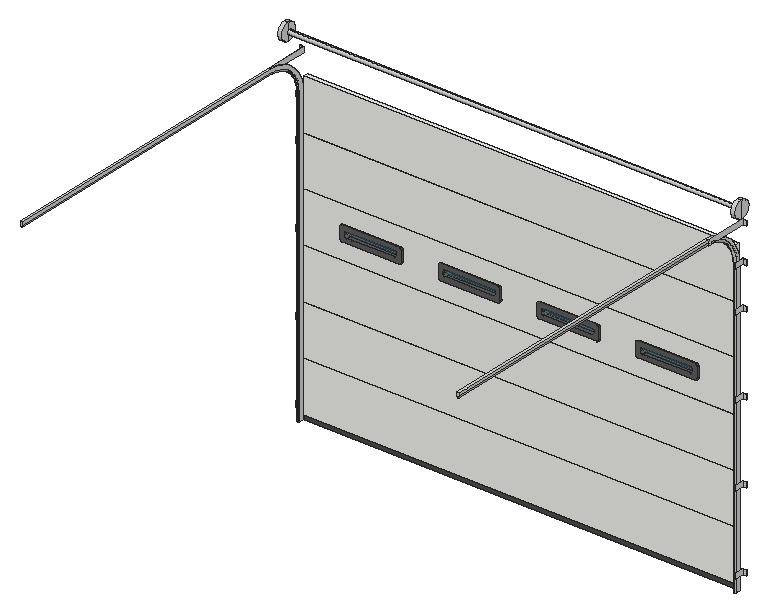
Revit family "Overhead-Sect_HAAS_Res_Alum_5000", category Doors, host Wall, Revit 2024
Family settings
  Host = Wall
  OmniClass Number = 23.30.10.17.37.14
  OmniClass Title = Sectional Overhead Doors
  Always vertical = Yes
  Cut with Voids When Loaded = No
  Shared = No
  Room Calculation Point = No
Parameters (values of type "Model 5780 Raised 1.75in")
  rearspring = no
  Warranty Duration (Years) = 0
  Viewport Frame Finish [instance] = Finish - Trim - HAAS - Black
  Unit Width [instance] = if(Wood Jamb, Opening Width, Opening Width + 0' 2")  # 14' - 0"
  Wood Jamb [instance] = yes
  URL = "http://www.haasdoor.com/about/index.html"
  U Value = 0
  Type Comments = ""
  Track_High Lift_CHECK WITH HAAS FOR VALUE [instance] = 0' - 7"
  Track [instance] = Steel
  Thickness = 0' - 0"  # constant formula
  Test Data = ""
  Steel Jamb [instance] = not(Wood Jamb)  # no
  Standards Conformance = "as Specified"
  Specification = ""
  SpecWizard = ""
  Send Message = ""
  Sales Information = "http://www.haasdoor.com/locator/index.php"
  Rough Width = 0' - 0"  # constant formula
  Rough Height = 0' - 0"  # constant formula
  Roof Incline Default = 0.00°
  Revision = "R1_2015-11"
  Recycled Content [instance] = "as Specified"
  R-Value = 16.18
  Product Properties = ""
  Product Data = "http://www.arcat.com/arcatcos/cos32/arc32915.html"
  Panel Width [instance] = 14' - 0"
  Panel Thickness = 0' - 1 3/4"
  Panel Material_Interior [instance] = Metal - Steel - HAAS - Polar White V-Groove
  Panel Material_Inset Panel [instance] = Metal - Steel - HAAS - Polar White
  Panel Material_Exterior [instance] = Metal - Steel - HAAS - Polar White
  Panel Height [instance] = if(1 = 1, Opening Height, 0' 0")  # 10' - 0"
  Overhead Sectional Style [instance] = Door_Overhead-Sectional-Panel_Haas_No-Inset-Panels : Design B
  Operation = "Overhead Sectional"
  Opening Width [instance] = 14' - 0"
  Opening Height [instance] = 10' - 0"
  Track Type [instance] = Tracks_Standard-Lift : Tracks_Standard-Lift
  Model = "5780"
  Max Width = 16' - 0"
  Max Height = 12' - 0"
  Manufacturer Website = "http://www.haasdoor.com/about/index.html"
  Manufacturer Phone - Toll Free = ""
  Manufacturer Phone = "419-337-9900"
  Manufacturer Fax = "800-874-4227"
  Manufacturer Address = "320 Sycamore Rd. Wauseon, OH 43567"
  Manufacturer = "Haas Door Co."
  Maintenance Schedule (Months) = 0
  Keynote = "08360"
  Interior Skin = "Aluminum Woodgrain"
  Installation-Fabrication = ""
  Installation Phase = ""
  Green Building-LEED = ""
  Viewport Glazing [instance] = Glass
  Function = Exterior
  Height = 0' - 0"  # constant formula
  Wall Closure = By host
  Width = 0' - 0"  # constant formula
  Fire Rating = ""
  Exterior Skin = "Raised Panel Woodgrain Aluminum"
  Expected Lifespan (Years) = 0
  End Stile Type = "Extruded End Cap"
  Drawn By = "Sumex Design, Inc."
  Description = "Haas 5700 Series Residential Insulated Overhead Sectional Door - 5780 as Specified"
  Cost = 0
  Copyright = "©Arcat Inc."  # constant formula
  Construction Type = ""
  Construction Details = ""
  Building Codes = ""
  Bottom Seal Color [instance] = Finish - Weather Seal - HAAS - Black
  Assembly Code = "B2030410"
  AAMA Designation = "as Specified"
  3in Track [instance] = not([2in Track])  # no
  2in Track [instance] = yes
Types (8): name | R-Value | Panel Thickness | Model | Exterior Skin | Description
  Model 5780 Raised 1.75in | 16.18 | 0' - 1 3/4" | "5780" | "Raised Panel Woodgrain Aluminum" | "Haas 5700 Series Residential Insulated Overhead Sectional Door - 5780 as Specified"
  Model 5770 Raised Ranch 1.75in | 16.18 | 0' - 1 3/4" | "5770" | "Raised Ranch Panel Woodgrain Aluminum" | "Haas 5700 Series Residential Insulated Overhead Sectional Door - 5770 as Specified"
  Model 5712 V Groove 1.75in | 16.18 | 0' - 1 3/4" | "5712" | "V Groove Woodgrain Aluminum" | "Haas 5700 Series Residential Insulated Overhead Sectional Door - 5712 as Specified"
  Model 5710 Flush 1.75in | 16.18 | 0' - 1 3/4" | "5710" | "Flush Woodgrain Aluminum" | "Haas 5700 Series Residential Insulated Overhead Sectional Door - 5710 as Specified"
  Model 5280 Raised 2in | 17.66 | 0' - 2" | "5280" | "Raised Panel Woodgrain Aluminum" | "Haas 5200 Series Residential Insulated Overhead Sectional Door - 5280 as Specified"
  Model 5270 Raised Ranch 2in | 17.66 | 0' - 2" | "5270" | "Raised Ranch Panel Woodgrain Aluminum" | "Haas 5200 Series Residential Insulated Overhead Sectional Door - 5270 as Specified"
  Model 5212 V Groove 2in | 17.66 | 0' - 2" | "5212" | "V Groove Woodgrain Aluminum" | "Haas 5200 Series Residential Insulated Overhead Sectional Door - 5212 as Specified"
  Model 5210 Flush 2in | 17.66 | 0' - 2" | "5210" | "Flush Woodgrain Aluminum" | "Haas 5200 Series Residential Insulated Overhead Sectional Door - 5210 as Specified"
Reference planes (in)
  plane 1 "Center (Front/Back)": y = 0
  plane 2 "Center (Left/Right)": x = 0
  plane 3 "Left": x = -84
  plane 4 "Right": x = 84
  plane 5 "Top": z = 120
  plane 6 "Exterior": y = 3
  plane 7 "Interior": y = -3
  plane 8: z = 2
  plane 9 "Back of Panel": y = -4.75
  plane 10: y = -3.875
  plane 11 "Track": y = -4.625
Lines and regions (in)
  Opening 1
    outline origin (-90, -3, 0) x (1, 0, 0) y (0, 0, 1)
      loop
        line (6, 0) -> (174, 0) -> (174, 120) -> (6, 120) -> (6, 0)
Text (in)
  text "Exterior" at (-74.96733, 27.31104, 0), in view "Ref. Level"
  text "Interior" at (-74.96733, -25.14366, 0), in view "Ref. Level"
  text "Exterior" at (0, 40.15149, 123.01588), in view "Right"
  text "Interior" at (0, -64.39139, 123.01588), in view "Right"
  text "Interior" at (0, -31.01599, 123.00693), in view "Left"
  text "Exterior" at (0, 54.57065, 123.00693), in view "Left"
Dimensions and locks (in)
  equal spacing: plane 3 "Left", plane 2 "Center (Left/Right)", plane 4 "Right"
  "Opening Height": level to plane 5 "Top"
  "Opening Width": plane 3 "Left" to plane 4 "Right"
  plane 8 to level = 0' - 2"
  plane 3 "Left" to plane 4 "Right" = 14' - 0"
  "Panel Thickness": plane 9 "Back of Panel" to plane 7 "Interior"
  equal spacing: plane 9 "Back of Panel", plane 10, plane 7 "Interior"
  locked: plane 11 "Track" to plane 7 "Interior" at 1.625
  aligned and locked: plane 3 "Left" to Opening 1 sketch curve
  aligned and locked: plane 5 "Top" to Opening 1 sketch curve
  aligned and locked: Opening 1 sketch curve to plane 5 "Top"
  aligned and locked: Opening 1 sketch curve to plane 4 "Right"
  aligned and locked: Opening 1 sketch curve to level
  aligned and locked: plane 6 "Exterior" to host wall
  aligned and locked: plane 7 "Interior" to host wall
  aligned and locked: nested 1 to plane 2 "Center (Left/Right)"
  aligned and locked: level to nested 1
  aligned and locked: nested 1 to plane 11 "Track"
  aligned and locked: nested 2 to plane 2 "Center (Left/Right)"
  aligned and locked: plane 10 to nested 2
Nested families (in)
  nested 1: "Tracks_Standard-Lift" at (0, -5.625, 0), Unit Width <- "Unit Width", Opening Height <- "Opening Height", Track <- "Track", Wood Jamb <- "Wood Jamb", 2in Track <- "2in Track", type <- "Track Type", High Lift Height <- "Track_High Lift_CHECK WITH HAAS FOR VALUE", Door Height <- "Panel Height", Rear Mount Spring <- "rearspring", Roof Incline <- "Roof Incline Default", type "Tracks_Standard-Lift"
    with trackradinsetv 0' - 0", trackradinseth 0' - 0", sideroomint 0' - 1 5/8", roofpitchheight 0' - 0", offsettrackradv 1' - 2.73821", offsettrackradh 1' - 2.99772", offset 0' - 0", highliftcalc 0' - 8", breakoutrun 1, breakoutrise 12, breakawaylength 0' - 0", breakaway angle 1.00°, Wood Jamb yes, Unit Width 14' - 0", Unit Depth 0' - 2", Track Radius 1' - 3", Track Offset from Door Edge 0' - 0 1/2", Track Steel, Steel Jamb no, Standard Spring Location yes, Sideroom_Spring 0' - 3", Sideroom_Jambs 0' - 3", Roof Incline 0.00°, Rear Mount Spring no, Opening Width 14' - 0", Opening Height 10' - 0", High Lift Height 0' - 7", Headroom Clearance 1' - 7", Door Height 10' - 0", Breakaway Start 0' - 8", Back Depth 11' - 6", 3in Track no, 2in Track yes, 1 in 12 Breakout yes, 1 5 in 12 Breakout no
  nested 2: "Door_Overhead-Sectional-Panel_Haas_No-Inset-Panels" at (0, -3.875, 0) x (-1, 0, 0) z (0, 0, 1), Viewport Finish <- "Viewport Frame Finish", Panel Material_Interior <- "Panel Material_Interior", Panel Material_Inset Panel <- "Panel Material_Inset Panel", Panel Material_Exterior <- "Panel Material_Exterior", Viewport Glazing <- "Viewport Glazing", Bottom Seal Color <- "Bottom Seal Color", Panel Width <- "Panel Width", Panel Thickness <- "Panel Thickness", Panel Height <- "Panel Height", type <- "Overhead Sectional Style", type "Design B"
    with Viewport Glazing Glass, Viewport Finish Finish - Trim - HAAS - Black, Unit Width 14' - 0", Unit Height 1' - 7.66667", Panel Width 14' - 0", Panel Thickness 0' - 1 3/4", Panel Material_Interior Metal - Steel - HAAS - Polar White V-Groove, Panel Material_Inset Panel Metal - Steel - HAAS - Polar White, Panel Material_Exterior Metal - Steel - HAAS - Polar White, Panel Height 10' - 0", Panel 9 Vis no, Panel 9 Control 0' - 0", Panel 8 Vis no, Panel 8 Control 0' - 0", Panel 7 Vis no, Panel 7 Control 0' - 0", Panel 6 Vis yes, Panel 6 Control 1' - 7.66667", Panel 5 Vis yes, Panel 5 Control 1' - 7.66667", Panel 4 Vis yes, Panel 4 Control 1' - 7.66667", Panel 3 Vis yes, Panel 3 Control 1' - 7.66667", Panel 2 Vis yes, Panel 2 Control 1' - 7.66667", Panel 10 Vis no, Panel 10 Control 0' - 0", Panel 1 Vis yes, Bottom Seal Color Finish - Weather Seal - HAAS - Black
Definition of nested family "Tracks_Standard-Lift"
  Parameters
    trackradinsetv [instance] = Track Radius - (Track Radius * cos(Roof Incline))  # 0' - 0"
    trackradinseth [instance] = Track Radius * sin(Roof Incline)  # 0' - 0"
    sideroomint [instance] = if(Steel Jamb, 0' 3", 0' 1 5/8")  # 0' - 1 5/8"
    roofpitchheight [instance] = (Back Depth) * tan(Roof Incline)  # 0' - 0"
    offsettrackradv [instance] = Track Radius - (Track Radius * sin(breakaway angle))  # 1' - 2.73821"
    offsettrackradh [instance] = Track Radius * cos(breakaway angle)  # 1' - 2.99772"
    offset [instance] = 0' - 0"  # constant formula
    breakoutrun [instance] = if([1 in 12 Breakout], 1, 1.5)  # 1
    breakoutrise [instance] = 12  # constant formula
    breakawaylength [instance] = (Breakaway Start + High Lift Height - Track Radius) / tan(90.00° - breakaway angle)  # 0' - 0.26183"
    breakaway angle [instance] = 1.00°  # constant formula
    Wood Jamb [instance] = yes
    Unit Width [instance] = 8' - 0"
    Unit Depth [instance] = if([2in Track], 0' 2", if([3in Track], 0' 3", 0' 2"))  # 0' - 3"
    URL = ""
    Track Radius [instance] = 1' - 3"
    Track [instance] = none
    Steel Jamb [instance] = not(Wood Jamb)  # no
    Standard Spring Location [instance] = yes
    Specification = ""
    SpecWizard = ""
    Track Offset from Door Edge [instance] = 0' - 0 1/2"
    Sideroom_Spring [instance] = 0' - 3"  # constant formula
    Sideroom_Jambs [instance] = 0' - 3"  # constant formula
    Sales Information = ""
    Roof Incline [instance] = 0.00°
    Revision = ""
    Rear Mount Spring [instance] = yes
    Product Properties = ""
    Product Data = ""
    Opening Width [instance] = if(Wood Jamb, Unit Width, Unit Width - 0' 1")  # 8' - 0"
    Opening Height [instance] = 8' - 0"
    Model = "As Specified"
    Manufacturer = ""
    Keynote = ""
    Installation-Fabrication = ""
    highliftcalc [instance] = if(Headroom Clearance < 5' 4 3/256", Headroom Clearance - 0' 11", if(and(Headroom Clearance > 5' 4", Headroom Clearance < 11' 1 3/256"), Headroom Clearance - 1' 1", if(and(Headroom Clearance > 11' 1", Headroom Clearance < 15' 0 3/256"), Headroom Clearance - 1' 5", 1' 0")))  # 1' - 11"
    High Lift Height [instance] = 1' - 10"
    Headroom Clearance [instance] = High Lift Height + 1' 0"  # 2' - 10"
    Green Building-LEED = ""
    Drawn By = "Sumex Design, Inc. / Robert S. Weygant, CSI, CDT, SCIP"
    Door Height [instance] = 8' - 0"
    Description = ""
    Default Elevation = 0' - 0"  # constant formula
    Copyright = "©Arcat Inc."
    Construction Details = ""
    Breakaway Start [instance] = if([1 in 12 Breakout], 0' 8", if([1 5 in 12 Breakout], 1' 2", 1' 0"))  # 0' - 8"
    Back Depth [instance] = Door Height + 1' 6"  # 9' - 6"
    Assembly Code = ""
    3in Track [instance] = not([2in Track])  # yes
    2in Track [instance] = no
    1 in 12 Breakout [instance] = yes
    1 5 in 12 Breakout [instance] = not([1 in 12 Breakout])  # no
  Reference planes (in)
    plane 1 "Center (Front/Back)": y = 0
    plane 2 "Bottom": z = 0
    plane 3 "Center (Left/Right)": x = 0
    plane 4 "Front": y = -1.5
    plane 5 "Back": y = 1.5
    plane 6 "Left": x = -48
    plane 7 "Right": x = 48
    plane 8 "Top": z = 121
    plane 9: z = 96
    plane 10: x = -48
    plane 11: x = 48
    plane 12: z = 130
    plane 13: y = -110.875
    plane 14: y = -13.49772
    plane 15: z = 106.26179
    plane 16 "Origin": y = 3.125
    plane 17: z = 74
    plane 18: z = 51.33333
    plane 19: z = 28.66667
    plane 20: z = 6
    plane 21: z = 97.13089
    plane 22: x = 51
    plane 23: x = -51
    plane 24 "Drum CL": y = -1.875
    plane 25: z = 106
    plane 26: z = 118
    plane 27: y = -13.49772
    plane 28: z = 121
    plane 29: x = -49.625
    plane 30: x = 49.625
  Forms (in)
    Extrusion 1, solid, material <- "Track", visible <- "Wood Jamb"
      sketch origin (0, 0, 0) x (1, 0, 0) y (0, 1, 0)
        loop
          line (-49.5, -13.49772) -> (-49.5, 3.125) -> (-51, 3.125) -> (-51, 3) -> (-49.625, 3) -> (-49.625, -13.49772) -> (-49.5, -13.49772)
        loop
          line (49.5, -13.49772) -> (49.625, -13.49772) -> (49.625, 3) -> (51, 3) -> (51, 3.125) -> (49.5, 3.125) -> (49.5, -13.49772)
      from 0 to 121
    Extrusion 2, void
      sketch origin (0, 0, 0) x (0, 1, 0) y (0, 0, 1)
        loop
          line (-1.5, 5) -> (-1.5, 7) -> (3.125, 7) -> (3.125, 27.66667) -> (-1.5, 27.66667) -> (-1.5, 29.66667) -> (3.125, 29.66667) -> (3.125, 50.33333) -> (-1.5, 50.33333) -> (-1.5, 52.33333) -> (3.125, 52.33333) -> (3.125, 73) -> (-1.5, 73) -> (-1.5, 75) -> (3.125, 75) -> (3.125, 105.26179) -> (-1.5, 105.26179) -> (-1.5, 107.26179) -> (3.125, 107.26179) -> (3.125, 119) -> (-13.49772, 119) -> (-13.49772, 0) -> (3.125, 0) -> (3.125, 5) -> (-1.5, 5)
      from -51 to 51
    Extrusion 3, solid, material <- "Track", visible <- "Steel Jamb"
      sketch origin (0, 0, 0) x (1, 0, 0) y (0, 1, 0)
        loop
          line (-51, 3.125) -> (-51, -13.49772) -> (-50.875, -13.49772) -> (-50.875, 3) -> (-48.375, 3) -> (-48.375, 3.125) -> (-51, 3.125)
        loop
          line (51, 3.125) -> (48.375, 3.125) -> (48.375, 3) -> (50.875, 3) -> (50.875, -13.49772) -> (51, -13.49772) -> (51, 3.125)
      from 0 to 121
    Revolve 4, solid, material <- "Track"
      sketch origin (0, -1.875, 0) x (0, 0, -1) y (1, 0, 0)
        loop
          line (-130, -53) -> (-126.75, -53) -> (-126.75, 53) -> (-130, 53) -> (-130, 51.5) -> (-127.5, 51.5) -> (-127.5, -51.5) -> (-130, -51.5) -> (-130, -53)
        axis (-126.75, 53) -> (-126.75, -53)
      angle from 0 to 360
    Sweep 5, solid, material <- "Track"
      path origin (0, 0, 0) x (0, 1, 0) y (0, 0, 1)
        loop
          line (1.5, 0) -> (1.5, 106.26179)
          arc (1.5, 106.26179) -> (-2.98408, 116.69876) -> (-13.49772, 121) r 15
          line (-13.49772, 121) -> (-110.875, 121)
      profile origin (0, -62.18636, 121) x (0, 0, -1) y (1, 0, 0)
        loop
          line (2.62111, -48.5) -> (0, -48.5) -> (0, -49.5) -> (2.25, -49.5)
          arc (2.25, -49.5) -> (2.68414, -49.38263) -> (3, -49.0625) r 0.86161
          line (3, -49.0625) -> (3, -48.71875) -> (2.62111, -48.5)
    Sweep 6, solid, material <- "Track"
      path origin (0, 0, 0) x (0, 1, 0) y (0, 0, 1)
        loop
          line (1.5, 0) -> (1.5, 106.26179)
          arc (1.5, 106.26179) -> (-2.98408, 116.69876) -> (-13.49772, 121) r 15
          line (-13.49772, 121) -> (-110.875, 121)
      profile origin (0, -62.18636, 121) x (0, 0, -1) y (1, 0, 0)
        loop
          line (0, 49.5) -> (0, 48.5) -> (2.62111, 48.5) -> (3, 48.71875) -> (3, 49.0625)
          arc (3, 49.0625) -> (2.68414, 49.38263) -> (2.25, 49.5) r 0.86161
          line (2.25, 49.5) -> (0, 49.5)
  Cuts and joins
    Extrusion 2 cuts Extrusion 1
    Extrusion 2 cuts Extrusion 3
  Lines and regions (in)
    reference lines
      curve 1: arc (0, 0.25, 112.00003) -> (0, -5.28189, 118.54991) -> (0, -13.49772, 121) r 15
      curve 2: line (0, -13.49772, 121) -> (0, -110.875, 121)
  Text (in)
    text "OPENING" at (0, 24.81124, 52.10269), in view "Right"
    text "STANDARD LIFT" at (0, 24.81124, 118.55424), in view "Right"
  Dimensions and locks (in)
    equal spacing: plane 6 "Left", plane 3 "Center (Left/Right)", plane 7 "Right"
    "Unit Width": plane 6 "Left" to plane 7 "Right"
    equal spacing: plane 5 "Back", plane 1 "Center (Front/Back)", plane 4 "Front"
    "Unit Depth": plane 5 "Back" to plane 4 "Front"
    equal spacing: plane 10, plane 3 "Center (Left/Right)", plane 11
    "Opening Width": plane 10 to plane 11
    "Headroom Clearance": plane 12 to plane 9
    "Back Depth": plane 13 to plane 16 "Origin"
    "offsettrackradv": plane 8 "Top" to plane 15
    locked: plane 16 "Origin" to plane 5 "Back" at 1.625
    "Sideroom_Jambs": Extrusion 1 sketch curve to plane 10
    "Sideroom_Jambs": plane 11 to Extrusion 1 sketch curve
    locked: plane 20 to level at 6
    equal spacing: plane 17, plane 18, plane 19, plane 20
    Extrusion 2 sketch curve to plane 20 to Extrusion 2 sketch curve = 0' - 1" locked, 0' - 1" locked
    Extrusion 2 sketch curve to plane 19 to Extrusion 2 sketch curve = 0' - 1" locked, 0' - 1" locked
    Extrusion 2 sketch curve to plane 18 to Extrusion 2 sketch curve = 0' - 1" locked, 0' - 1" locked
    Extrusion 2 sketch curve to plane 17 to Extrusion 2 sketch curve = 0' - 1" locked, 0' - 1" locked
    Extrusion 2 sketch curve to plane 15 to Extrusion 2 sketch curve = 0' - 1" locked, 0' - 1" locked
    "Sideroom_Spring": plane 23 to plane 10
    "Sideroom_Spring": plane 11 to plane 22
    locked: Extrusion 3 sketch curve to plane 10 at 0.375
    locked: plane 11 to Extrusion 3 sketch curve at 0.375
    locked: plane 24 "Drum CL" to plane 16 "Origin" at 5
    locked: Revolve 4 sketch curve to plane 10 at 5
    locked: plane 11 to Revolve 4 sketch curve at 5
    locked: Revolve 4 sketch curve to Revolve 4 sketch curve at 1.5  (x2)
    locked: Revolve 4 sketch curve to Revolve 4 sketch curve at 0.75
    locked: Revolve 4 sketch curve to Revolve 4 sketch curve at 3.25  (x2)
    locked: Extrusion 1 sketch curve to Extrusion 1 sketch curve at 0.125
    "Opening Height": plane 9 to level
    "Track Radius": plane 8 "Top" to plane 25
    "High Lift Height": plane 26 to plane 9
    "Unit Depth": plane 8 "Top" to plane 26
    "offsettrackradh": plane 14 to plane 5 "Back"
    "trackradinseth": plane 14 to plane 27
    "trackradinsetv": plane 8 "Top" to plane 28
    "Unit Depth": Sweep 5 sketch curve to Sweep 5 sketch curve
    locked: plane 8 "Top" to Extrusion 2 sketch curve at 2
    "Unit Depth": Sweep 6 sketch curve to Sweep 6 sketch curve
    Extrusion 1 sketch curve to Extrusion 1 sketch curve to plane 10 = 0' - 0 1/8" locked, 0' - 1 1/2" locked
    equal spacing: Sweep 5 sketch curve, Sweep 5 sketch curve, Sweep 5 sketch curve, Sweep 5 sketch curve, plane 10
    equal spacing: plane 11, Sweep 6 sketch curve, Sweep 6 sketch curve, Sweep 6 sketch curve, Sweep 6 sketch curve
    "sideroomint": plane 29 to plane 10
    plane 29 to Sweep 5 sketch curve to Sweep 5 sketch curve to Sweep 5 sketch curve to Sweep 5 sketch curve = 0' - 0 1/8" locked, 0' - 0 7/16" locked, 0' - 0 11/32" locked, 0' - 0 7/32" locked
    "Sideroom_Jambs": Extrusion 3 sketch curve to plane 10
    locked: Extrusion 3 sketch curve to Extrusion 3 sketch curve at 0.125  (x2)
    "Sideroom_Jambs": plane 11 to Extrusion 3 sketch curve
    locked: plane 11 to Extrusion 1 sketch curve at 1.5
    "sideroomint": plane 11 to plane 30
    Sweep 6 sketch curve to Sweep 6 sketch curve to Sweep 6 sketch curve to Sweep 6 sketch curve to plane 30 = 0' - 0 7/32" locked, 0' - 0 11/32" locked, 0' - 0 7/16" locked, 0' - 0 1/8" locked
    locked: Revolve 4 sketch curve to plane 26 at 8.75
    locked: plane 9 to plane 17 at 22
    "Track Radius": radius of curve 1
    "Track Radius": radius of Sweep 6 sketch curve
    "Roof Incline": angle curve 2 to plane 28
    "Roof Incline": angle Sweep 5 sketch curve to plane 28
    "Roof Incline": angle Sweep 6 sketch curve to plane 28
    aligned and locked: plane 14 to Extrusion 1 sketch curve
    aligned and locked: Extrusion 1 sketch curve to plane 14
    aligned and locked: Extrusion 2 sketch curve to plane 14
    aligned and locked: Extrusion 2 sketch curve to plane 16 "Origin"
    aligned and locked: plane 4 "Front" to Extrusion 2 sketch curve  (x4)
    aligned and locked: Extrusion 2 sketch curve to plane 4 "Front"
    aligned and locked: plane 23 to Extrusion 2
    aligned and locked: Extrusion 2 to plane 22
    aligned and locked: Extrusion 3 sketch curve to plane 14
    aligned and locked: plane 14 to Extrusion 3 sketch curve
    aligned and locked: Revolve 4 sketch curve to Revolve 4 sketch curve
    aligned and locked: plane 27 to curve 1
    aligned and locked: plane 25 to curve 1
    aligned and locked: plane 14 to curve 1
    aligned and locked: plane 13 to curve 2
    aligned and locked: Sweep 5 sketch curve to curve 1
    aligned and locked: plane 13 to Sweep 5 sketch curve
    aligned and locked: plane 27 to Sweep 5 sketch curve
    aligned and locked: plane 8 "Top" to Extrusion 3
    aligned and locked: plane 8 "Top" to Extrusion 1
    aligned and locked: plane 13 to Sweep 6 sketch curve
    aligned and locked: plane 15 to Sweep 5 sketch curve
    aligned and locked: plane 27 to Sweep 6 sketch curve
    aligned and locked: plane 28 to Sweep 6 sketch curve
    aligned and locked: plane 15 to Sweep 6 sketch curve
    aligned and locked: plane 5 "Back" to Sweep 6 sketch curve
  Automatic sketch dimensions
    Extrusion 1 sketch curve to plane 16 "Origin" = 0' - 0"  (x2)
    Extrusion 1 sketch curve to plane 16 "Origin" = 0' - 0 1/8"  (x2)
    Extrusion 3 sketch curve to plane 16 "Origin" = 0' - 0"  (x2)
    Extrusion 3 sketch curve to plane 16 "Origin" = 0' - 0 1/8"  (x2)
    Revolve 4 sketch curve to Revolve 4 sketch curve = 0' - 0"
    Revolve 4 sketch curve to Revolve 4 sketch curve = 0' - 3"
    Sweep 5 sketch curve to level = 0' - 0"
    Sweep 5 sketch curve to profile plane = 0' - 0"
    Sweep 5 sketch curve to Sweep 5 sketch curve = 0' - 0.37111"
    Sweep 5 sketch curve to Sweep 5 sketch curve = 0' - 0.13839"
    Sweep 6 sketch curve to profile plane = 0' - 0"
    Sweep 6 sketch curve to Sweep 6 sketch curve = 0' - 0.37111"
    Sweep 6 sketch curve to Sweep 6 sketch curve = 0' - 0.13839"
    curve 1 to plane 1 "Center (Front/Back)" = 0' - 0 1/4"
    Sweep 6 sketch curve to level = 0' - 0"
    Extrusion 2 sketch curve to plane 16 "Origin" = 0' - 0"  (x5)
    Extrusion 2 sketch curve to level = 0' - 0"
Definition of nested family "Door_Overhead-Sectional-Panel_Haas_No-Inset-Panels"
  Parameters
    Width = 10' - 0"
    Viewport Finish [instance] = none
    Unit Width [instance] = Panel Width  # 10' - 0"
    Unit Height [instance] = if(Number Panels > 3, ((Panel Height - 0' 2") / Number Panels), ((Panel Height - 0' 2") / 4))  # 1' - 7.66667"
    Thickness = 0' - 3"
    Section Type_Row 10 = HAAS_Section_Flush : Standard
    Section Type_Row 9 = HAAS_Section_Flush : Standard
    Section Type_Row 8 = HAAS_Section_Flush : Standard
    Section Type_Row 7 = HAAS_Section_Flush : Standard
    Section Type_Row 6 = HAAS_Section_Flush : Standard
    Section Type_Row 5 = HAAS_Section_Flush : Standard
    Section Type_Row 4 = HAAS_Section_Flush : Standard
    Section Type_Row 3 = HAAS_Section_Flush : Standard
    Section Type_Row 2 = HAAS_Section_Flush : Standard
    Section Type_Row 1 = HAAS_Section_Flush : Standard
    Panel Width [instance] = 10' - 0"
    Panel Thickness [instance] = 0' - 3"
    Panel Material_Interior [instance] = none
    Panel Material_Inset Panel [instance] = none
    Panel Material_Exterior [instance] = none
    Panel Height [instance] = 10' - 0"
    Panel 9 Vis [instance] = Number Panels > 8  # no
    Panel 9 Control [instance] = if(Panel 9 Vis, Unit Height, 0' 0")  # 0' - 0"
    Panel 8 Vis [instance] = Number Panels > 7  # no
    Panel 8 Control [instance] = if(Panel 8 Vis, Unit Height, 0' 0")  # 0' - 0"
    Panel 7 Vis [instance] = Number Panels > 6  # no
    Panel 7 Control [instance] = if(Panel 7 Vis, Unit Height, 0' 0")  # 0' - 0"
    Panel 6 Vis [instance] = Number Panels > 5  # yes
    Panel 6 Control [instance] = if(Panel 6 Vis, Unit Height, 0' 0")  # 1' - 7.66667"
    Panel 5 Vis [instance] = Number Panels > 4  # yes
    Panel 5 Control [instance] = if(Panel 5 Vis, Unit Height, 0' 0")  # 1' - 7.66667"
    Panel 4 Vis [instance] = Number Panels > 3  # yes
    Panel 4 Control [instance] = if(Panel 4 Vis, Unit Height, 0' 0")  # 1' - 7.66667"
    Panel 3 Vis [instance] = Number Panels > 2  # yes
    Panel 3 Control [instance] = if(Panel 3 Vis, Unit Height, 0' 0")  # 1' - 7.66667"
    Panel 2 Vis [instance] = Number Panels > 1  # yes
    Panel 2 Control [instance] = if(Panel 2 Vis, Unit Height, 0' 0")  # 1' - 7.66667"
    Panel 10 Vis [instance] = Number Panels > 9  # no
    Panel 10 Control [instance] = if(Panel 10 Vis, Unit Height, 0' 0")  # 0' - 0"
    Panel 1 Vis [instance] = Number Panels > 0  # yes
    Number Panels = 6
    Viewport Glazing [instance] = none
    Height = 8' - 0"
    End Stile Width_CONTACT HAAS FOR VALUE = 0' - 0"
    Default Elevation = 4' - 0"
    Bottom Seal Color [instance] = none
  Reference planes (in)
    plane 1 "Center (Front/Back)": y = 0
    plane 2: z = 0
    plane 3 "Center (Left/Right)": x = 0
    plane 4 "Left": x = -60
    plane 5 "Right": x = 60
    plane 6 "Back": y = 1.5
    plane 7 "Front": y = -1.5
    plane 8 "1T": z = 21.66667
    plane 9 "1B": z = 2
    plane 10: z = 41.33333
    plane 11 "2B": z = 21.66667
    plane 12: z = 61
    plane 13 "3B": z = 41.33333
    plane 14: z = 80.66667
    plane 15 "4B": z = 61
    plane 16: z = 100.33333
    plane 17 "5B": z = 80.66667
    plane 18: z = 120
    plane 19 "6B": z = 100.33333
    plane 20: z = 120
    plane 21 "7B": z = 100.33333
    plane 22: z = 120
    plane 23 "8B": z = 100.33333
    plane 24: z = 120
    plane 25 "9B": z = 100.33333
    plane 26: z = 120
    plane 27 "10B": z = 100.33333
  Forms (in)
    Extrusion 1, solid, material <- "Bottom Seal Color"
      sketch origin (0, 0, 0) x (0, 1, 0) y (0, 0, 1)
        loop
          line (-1.375, 2) -> (-1.375, 0) -> (1.375, 0) -> (1.375, 2) -> (-1.375, 2)
      from -60 to 60
  Dimensions and locks (in)
    equal spacing: plane 4 "Left", plane 3 "Center (Left/Right)", plane 5 "Right"
    "Panel Width": plane 4 "Left" to plane 5 "Right"
    equal spacing: plane 6 "Back", plane 1 "Center (Front/Back)", plane 7 "Front"
    "Panel Thickness": plane 6 "Back" to plane 7 "Front"
    "Unit Height": plane 8 "1T" to plane 9 "1B"
    "Unit Height": plane 10 to plane 11 "2B"
    "Unit Height": plane 12 to plane 13 "3B"
    "Unit Height": plane 14 to plane 15 "4B"
    "Unit Height": plane 16 to plane 17 "5B"
    "Unit Height": plane 18 to plane 19 "6B"
    "Unit Height": plane 20 to plane 21 "7B"
    "Unit Height": plane 22 to plane 23 "8B"
    "Unit Height": plane 24 to plane 25 "9B"
    "Unit Height": plane 26 to plane 27 "10B"
    locked: plane 9 "1B" to level at 2
    "Panel 2 Control": plane 11 "2B" to plane 9 "1B"
    "Panel 3 Control": plane 13 "3B" to plane 11 "2B"
    "Panel 4 Control": plane 15 "4B" to plane 13 "3B"
    "Panel 5 Control": plane 17 "5B" to plane 15 "4B"
    "Panel 6 Control": plane 19 "6B" to plane 17 "5B"
    "Panel 7 Control": plane 21 "7B" to plane 19 "6B"
    "Panel 8 Control": plane 23 "8B" to plane 21 "7B"
    "Panel 9 Control": plane 25 "9B" to plane 23 "8B"
    "Panel 10 Control": plane 27 "10B" to plane 25 "9B"
    locked: Extrusion 1 sketch curve to plane 6 "Back" at 0.125
    locked: plane 7 "Front" to Extrusion 1 sketch curve at 0.125
    aligned and locked: plane 2 to level
    aligned and locked: plane 3 "Center (Left/Right)" to nested 1
    aligned and locked: plane 3 "Center (Left/Right)" to nested 2
    aligned and locked: plane 3 "Center (Left/Right)" to nested 3
    aligned and locked: plane 3 "Center (Left/Right)" to nested 4
    aligned and locked: plane 3 "Center (Left/Right)" to nested 5
    aligned and locked: plane 3 "Center (Left/Right)" to nested 6
    aligned and locked: plane 3 "Center (Left/Right)" to nested 7
    aligned and locked: plane 3 "Center (Left/Right)" to nested 8
    aligned and locked: plane 3 "Center (Left/Right)" to nested 9
    aligned and locked: plane 3 "Center (Left/Right)" to nested 10
    aligned and locked: plane 1 "Center (Front/Back)" to nested 1
    aligned and locked: plane 1 "Center (Front/Back)" to nested 2
    aligned and locked: plane 1 "Center (Front/Back)" to nested 3
    aligned and locked: plane 1 "Center (Front/Back)" to nested 4
    aligned and locked: nested 5 to plane 1 "Center (Front/Back)"
    aligned and locked: nested 6 to plane 1 "Center (Front/Back)"
    aligned and locked: nested 7 to plane 1 "Center (Front/Back)"
    aligned and locked: nested 8 to plane 1 "Center (Front/Back)"
    aligned and locked: nested 9 to plane 1 "Center (Front/Back)"
    aligned and locked: nested 10 to plane 1 "Center (Front/Back)"
    aligned and locked: plane 5 "Right" to Extrusion 1
    aligned and locked: Extrusion 1 to plane 4 "Left"
  Automatic sketch dimensions
    Extrusion 1 sketch curve to level = 0' - 0"
    Extrusion 1 sketch curve to plane 9 "1B" = 0' - 0"
  Nested families (in)
    nested 1: "HAAS_Section_Flush" at (0, 0, 2), type <- "Section Type_Row 1", visible <- "Panel 1 Vis", Unit Width <- "Unit Width", Unit Height <- "Unit Height", Viewport Glazing <- "Viewport Glazing", Viewport Finish <- "Viewport Finish", Panel Material_Interior <- "Panel Material_Interior", Panel Material_Inset Panel <- "Panel Material_Inset Panel", Panel Material_Exterior <- "Panel Material_Exterior", Unit Depth <- "Panel Thickness", type "Standard"
      with Viewport Glazing none, Viewport Finish none, Unit Width 10' - 0", Unit Height 1' - 7.66667", Unit Depth 0' - 3", Panel Material_Interior none, Panel Material_Inset Panel none, Panel Material_Exterior none
    nested 2: "HAAS_Section_Flush" at (0, 0, 21.66667), type <- "Section Type_Row 2", visible <- "Panel 2 Vis", Unit Width <- "Unit Width", Unit Height <- "Unit Height", Viewport Glazing <- "Viewport Glazing", Viewport Finish <- "Viewport Finish", Panel Material_Interior <- "Panel Material_Interior", Panel Material_Inset Panel <- "Panel Material_Inset Panel", Panel Material_Exterior <- "Panel Material_Exterior", Unit Depth <- "Panel Thickness", type "Standard"
      with Viewport Glazing none, Viewport Finish none, Unit Width 10' - 0", Unit Height 1' - 7.66667", Unit Depth 0' - 3", Panel Material_Interior none, Panel Material_Inset Panel none, Panel Material_Exterior none
    nested 3: "HAAS_Section_Flush" at (0, 0, 41.33333), type <- "Section Type_Row 3", visible <- "Panel 3 Vis", Unit Width <- "Unit Width", Unit Height <- "Unit Height", Viewport Glazing <- "Viewport Glazing", Viewport Finish <- "Viewport Finish", Panel Material_Interior <- "Panel Material_Interior", Panel Material_Inset Panel <- "Panel Material_Inset Panel", Panel Material_Exterior <- "Panel Material_Exterior", Unit Depth <- "Panel Thickness", type "Standard"
      with Viewport Glazing none, Viewport Finish none, Unit Width 10' - 0", Unit Height 1' - 7.66667", Unit Depth 0' - 3", Panel Material_Interior none, Panel Material_Inset Panel none, Panel Material_Exterior none
    nested 4: "HAAS_Section_Flush" at (0, 0, 61), visible <- "Panel 4 Vis", Unit Width <- "Unit Width", Unit Height <- "Unit Height", Viewport Glazing <- "Viewport Glazing", Viewport Finish <- "Viewport Finish", Panel Material_Interior <- "Panel Material_Interior", Panel Material_Inset Panel <- "Panel Material_Inset Panel", Panel Material_Exterior <- "Panel Material_Exterior", type <- "Section Type_Row 4", Unit Depth <- "Panel Thickness", type "Standard"
      with Viewport Glazing none, Viewport Finish none, Unit Width 10' - 0", Unit Height 1' - 7.66667", Unit Depth 0' - 3", Panel Material_Interior none, Panel Material_Inset Panel none, Panel Material_Exterior none
    nested 5: "HAAS_Section_Flush" at (0, 0, 80.66667), type <- "Section Type_Row 5", visible <- "Panel 5 Vis", Unit Width <- "Unit Width", Unit Height <- "Unit Height", Viewport Glazing <- "Viewport Glazing", Viewport Finish <- "Viewport Finish", Panel Material_Interior <- "Panel Material_Interior", Panel Material_Inset Panel <- "Panel Material_Inset Panel", Panel Material_Exterior <- "Panel Material_Exterior", Unit Depth <- "Panel Thickness", type "Standard"
      with Viewport Glazing none, Viewport Finish none, Unit Width 10' - 0", Unit Height 1' - 7.66667", Unit Depth 0' - 3", Panel Material_Interior none, Panel Material_Inset Panel none, Panel Material_Exterior none
    nested 6: "HAAS_Section_Flush" at (0, 0, 100.33333), type <- "Section Type_Row 6", visible <- "Panel 6 Vis", Unit Width <- "Unit Width", Unit Height <- "Unit Height", Viewport Glazing <- "Viewport Glazing", Viewport Finish <- "Viewport Finish", Panel Material_Interior <- "Panel Material_Interior", Panel Material_Inset Panel <- "Panel Material_Inset Panel", Panel Material_Exterior <- "Panel Material_Exterior", Unit Depth <- "Panel Thickness", type "Standard"
      with Viewport Glazing none, Viewport Finish none, Unit Width 10' - 0", Unit Height 1' - 7.66667", Unit Depth 0' - 3", Panel Material_Interior none, Panel Material_Inset Panel none, Panel Material_Exterior none
    nested 7: "HAAS_Section_Flush" at (0, 0, 100.33333), type <- "Section Type_Row 7", visible <- "Panel 7 Vis", Unit Width <- "Unit Width", Unit Height <- "Unit Height", Viewport Glazing <- "Viewport Glazing", Viewport Finish <- "Viewport Finish", Panel Material_Interior <- "Panel Material_Interior", Panel Material_Inset Panel <- "Panel Material_Inset Panel", Panel Material_Exterior <- "Panel Material_Exterior", Unit Depth <- "Panel Thickness", type "Standard"
      with Viewport Glazing none, Viewport Finish none, Unit Width 10' - 0", Unit Height 1' - 7.66667", Unit Depth 0' - 3", Panel Material_Interior none, Panel Material_Inset Panel none, Panel Material_Exterior none
    nested 8: "HAAS_Section_Flush" at (0, 0, 100.33333), type <- "Section Type_Row 8", visible <- "Panel 8 Vis", Unit Width <- "Unit Width", Unit Height <- "Unit Height", Viewport Glazing <- "Viewport Glazing", Viewport Finish <- "Viewport Finish", Panel Material_Interior <- "Panel Material_Interior", Panel Material_Inset Panel <- "Panel Material_Inset Panel", Panel Material_Exterior <- "Panel Material_Exterior", Unit Depth <- "Panel Thickness", type "Standard"
      with Viewport Glazing none, Viewport Finish none, Unit Width 10' - 0", Unit Height 1' - 7.66667", Unit Depth 0' - 3", Panel Material_Interior none, Panel Material_Inset Panel none, Panel Material_Exterior none
    nested 9: "HAAS_Section_Flush" at (0, 0, 100.33333), type <- "Section Type_Row 9", visible <- "Panel 9 Vis", Unit Width <- "Unit Width", Unit Height <- "Unit Height", Viewport Glazing <- "Viewport Glazing", Viewport Finish <- "Viewport Finish", Panel Material_Interior <- "Panel Material_Interior", Panel Material_Inset Panel <- "Panel Material_Inset Panel", Panel Material_Exterior <- "Panel Material_Exterior", Unit Depth <- "Panel Thickness", type "Standard"
      with Viewport Glazing none, Viewport Finish none, Unit Width 10' - 0", Unit Height 1' - 7.66667", Unit Depth 0' - 3", Panel Material_Interior none, Panel Material_Inset Panel none, Panel Material_Exterior none
    nested 10: "HAAS_Section_Flush" at (0, 0, 100.33333), type <- "Section Type_Row 10", visible <- "Panel 10 Vis", Unit Width <- "Unit Width", Unit Height <- "Unit Height", Viewport Glazing <- "Viewport Glazing", Viewport Finish <- "Viewport Finish", Panel Material_Interior <- "Panel Material_Interior", Panel Material_Inset Panel <- "Panel Material_Inset Panel", Panel Material_Exterior <- "Panel Material_Exterior", Unit Depth <- "Panel Thickness", type "Standard"
      with Viewport Glazing none, Viewport Finish none, Unit Width 10' - 0", Unit Height 1' - 7.66667", Unit Depth 0' - 3", Panel Material_Interior none, Panel Material_Inset Panel none, Panel Material_Exterior none
  Definition of nested family "HAAS_Section_Flush"
    Parameters
      Viewport Glazing [instance] = none
      Viewport Finish [instance] = none
      Unit Width [instance] = 10' - 0"
      Unit Height [instance] = 1' - 3.66667"
      Unit Depth [instance] = 0' - 3"
      Panel Material_Interior [instance] = none
      Panel Material_Inset Panel [instance] = none
      Panel Material_Exterior [instance] = none
      Default Elevation = 4' - 0"
    Reference planes (in)
      plane 1 "Center (Front/Back)": y = 0
      plane 2: z = 0
      plane 3 "Center (Left/Right)": x = 0
      plane 4 "Left": x = -60
      plane 5 "Right": x = 60
      plane 6 "Center (Elevation)": z = 7.83333
      plane 7: z = 15.66667
      plane 8 "Back": y = 1.5
      plane 9 "Front": y = -1.5
    Forms (in)
      Extrusion 1, solid, material <- "Panel Material_Exterior"
        sketch origin (0, 0, 0) x (1, 0, 0) y (0, 0, 1)
          loop
            line (-60, 15.66667) -> (-60, 0) -> (60, 0) -> (60, 15.66667) -> (-60, 15.66667)
        from -1.5 to 1.5
    Dimensions and locks (in)
      equal spacing: plane 4 "Left", plane 3 "Center (Left/Right)", plane 5 "Right"
      "Unit Width": plane 4 "Left" to plane 5 "Right"
      equal spacing: plane 7, plane 6 "Center (Elevation)", level
      "Unit Height": plane 7 to level
      equal spacing: plane 8 "Back", plane 1 "Center (Front/Back)", plane 9 "Front"
      "Unit Depth": plane 8 "Back" to plane 9 "Front"
      aligned and locked: plane 2 to level
      aligned and locked: plane 7 to Extrusion 1
      aligned and locked: plane 5 "Right" to Extrusion 1
      aligned and locked: Extrusion 1 to level
      aligned and locked: Extrusion 1 to plane 4 "Left"
      aligned and locked: plane 8 "Back" to Extrusion 1
      aligned and locked: Extrusion 1 to plane 9 "Front"
    Automatic sketch dimensions
      level to Extrusion 1 sketch curve = 0' - 0"
      plane 4 "Left" to Extrusion 1 sketch curve = 0' - 0"
      Extrusion 1 sketch curve to plane 5 "Right" = 0' - 0"
      Extrusion 1 sketch curve to plane 7 = 0' - 0"
